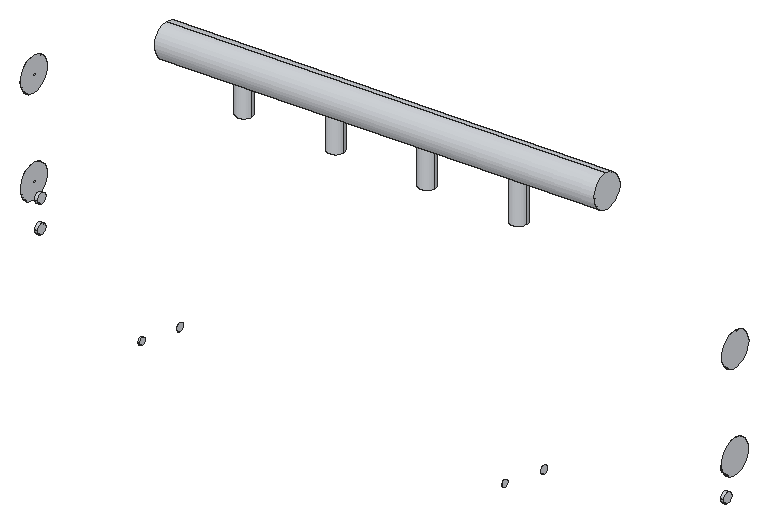
Revit family "Cascata Time Power Floor 20201229 connettori OK", category Attrezzatura meccanica, Revit 2020
Family settings
  Quota connettore circolare = Usa diametro
  Tipo di parte = Normale
  Numero OmniClass = 23.75.00.00
  Titolo OmniClass = Climate Control (HVAC)
  Basato su piano di lavoro = No
  Sempre verticale = Sì
  Taglio con vuoti quando caricato = No
  Condiviso = No
  Punto di calcolo locali = No
Parameters (values of type "432 kW_4 Caldaie")
  Visibilità_caldaia_3 = NumeroCaldaie > 3  # yes
  Visibilità_caldaia_2 = NumeroCaldaie > 2  # yes
  Vis.scarico4 = NumeroCaldaie > 3  # yes
  Vis.scarico3 = NumeroCaldaie > 2  # yes
  Vis.Scamb.sx = Scambiatore_SX  # yes
  Vis.Scamb.dx = Scambiatore_DX  # yes
  Vis.FumiSX = not(On_FumiDX_Off_FumiSX)  # no
  Vis.FumiDX = On_FumiDX_Off_FumiSX  # yes
  Vis.Equil.sx = Equilibratore_SX  # yes
  Vis.Equil.dx = Equilibratore_DX  # yes
  Sottr = Distanza_ki_INAIL + 196 mm  # 2504 mm
  Scambiatore_SX = yes
  Scambiatore_DX = yes
  Qn_MAX = 432.00 kW
  Prospetto di default = 0 mm
  Product group = "Thermal unit"
  Product family = "Heating"
  On_FumiDX_Off_FumiSX = yes
  NascTubo = if(Numero_Caldaie = 4, 5100 mm, if(Numero_Caldaie = 3, 4400 mm, if(Numero_Caldaie = 2, 3700 mm, 1000 mm)))  # 5100 mm
  Maximum heating heat input = Qn_MAX  # 432.00 kW
  Material secondary = "Plastic"
  Material main = "Metal"
  Manufacturer name = "Italtherm S.p.a."
  Manufacturer country = "Italy"
  Hydronic Supply Diameter (cascade) = Diam_flange_equilib  # 210 mm
  Hydronic Return Diameter (cascade) = Diam_flange_equilib  # 210 mm
  Gas Inlet Diameter (cascade) = 165 mm  # constant formula
  Flue outlet (cascade) = if(Qn_MAX < 160000 W, 125 mm, if(Qn_MAX > 260000 W, 200 mm, 160 mm))  # 200 mm
  Equilibratore_SX = yes
  Equilibratore_DX = yes
  Numero_Caldaie = if(NumeroCaldaie < 2, 2, if(NumeroCaldaie > 4, 4, NumeroCaldaie))  # 4
  NumeroCaldaie = 4
  Edition number = 0  # constant formula
  Distanza_ki_INAIL = if(Numero_Caldaie = 4, 2308 mm, if(Numero_Caldaie = 3, 1726 mm, if(Numero_Caldaie = 2, 1144 mm, 1000 mm)))  # 2308 mm
  Diam_flange_equilib = if(Qn_MAX < 280000 W, 185 mm, if(Qn_MAX > 280000 W, 210 mm, 210 mm))  # 210 mm
  Design country = "Italy"
  Date of publishing = "07/01/2021"
  Condensate Drain (cascade) = 40 mm  # constant formula
  Caldaia_3 = Time Power Floor : Time Power Floor 115 K
  Caldaia_2 = Time Power Floor : Time Power Floor 115 K
  Caldaia_1 = Time Power Floor : Time Power Floor 115 K
  Caldaia_0 = Time Power Floor : Time Power Floor 115 K
Types (23, lengths in mm): name | Visibilità_caldaia_3 | Visibilità_caldaia_2 | Vis.scarico4 | Vis.scarico3 | Vis.Scamb.sx | Vis.Scamb.dx | Vis.FumiSX | Vis.FumiDX | Vis.Equil.dx | Sottr | Scambiatore_SX | Scambiatore_DX | Qn_MAX | On_FumiDX_Off_FumiSX | NascTubo | Maximum heating heat input | Hydronic Supply Diameter (cascade) | Hydronic Return Diameter (cascade) | Flue outlet (cascade) | Equilibratore_DX | Numero_Caldaie | NumeroCaldaie | Distanza_ki_INAIL | Diam_flange_equilib | Caldaia_3 | Caldaia_2 | Caldaia_1 | Caldaia_0
  340 kW_4 Caldaie | yes | yes | yes | yes | no | no | no | yes | no | 2504 | no | no | 340.00 kW | yes | 5100 | 340.00 kW | 210 | 210 | 200 | no | 4 | 4 | 2308 | 210 | Time Power Floor : Time Power Floor 90 K | Time Power Floor : Time Power Floor 90 K | Time Power Floor : Time Power Floor 90 K | Time Power Floor : Time Power Floor 90 K
  363 kW_4 Caldaie | yes | yes | yes | yes | yes | yes | no | yes | yes | 2504 | yes | yes | 363.00 kW | yes | 5100 | 363.00 kW | 210 | 210 | 200 | yes | 4 | 4 | 2308 | 210 | Time Power Floor : Time Power Floor 115 K | Time Power Floor : Time Power Floor 90 K | Time Power Floor : Time Power Floor 90 K | Time Power Floor : Time Power Floor 90 K
  386 kW_4 Caldaie | yes | yes | yes | yes | yes | yes | no | yes | yes | 2504 | yes | yes | 386.00 kW | yes | 5100 | 386.00 kW | 210 | 210 | 200 | yes | 4 | 4 | 2308 | 210 | Time Power Floor : Time Power Floor 115 K | Time Power Floor : Time Power Floor 115 K | Time Power Floor : Time Power Floor 90 K | Time Power Floor : Time Power Floor 90 K
  405 kW_4 Caldaie | yes | yes | yes | yes | yes | yes | no | yes | yes | 2504 | yes | yes | 405.00 kW | yes | 5100 | 405.00 kW | 210 | 210 | 200 | yes | 4 | 4 | 2308 | 210 | Time Power Floor : Time Power Floor 90 K | Time Power Floor : Time Power Floor 90 K | Time Power Floor : Time Power Floor 90 K | Time Power Floor : Time Power Floor 160 K
  409 kW_4 Caldaie | yes | yes | yes | yes | yes | yes | no | yes | yes | 2504 | yes | yes | 409.00 kW | yes | 5100 | 409.00 kW | 210 | 210 | 200 | yes | 4 | 4 | 2308 | 210 | Time Power Floor : Time Power Floor 90 K | Time Power Floor : Time Power Floor 115 K | Time Power Floor : Time Power Floor 115 K | Time Power Floor : Time Power Floor 115 K
  428 kW_4 Caldaie | yes | yes | yes | yes | yes | yes | no | yes | yes | 2504 | yes | yes | 428.00 kW | yes | 5100 | 428.00 kW | 210 | 210 | 200 | yes | 4 | 4 | 2308 | 210 | Time Power Floor : Time Power Floor 90 K | Time Power Floor : Time Power Floor 90 K | Time Power Floor : Time Power Floor 115 K | Time Power Floor : Time Power Floor 160 K
  432 kW_4 Caldaie | yes | yes | yes | yes | yes | yes | no | yes | yes | 2504 | yes | yes | 432.00 kW | yes | 5100 | 432.00 kW | 210 | 210 | 200 | yes | 4 | 4 | 2308 | 210 | Time Power Floor : Time Power Floor 115 K | Time Power Floor : Time Power Floor 115 K | Time Power Floor : Time Power Floor 115 K | Time Power Floor : Time Power Floor 115 K
  255 kW_3 Caldaie | no | yes | no | yes | yes | yes | no | yes | yes | 1922 | yes | yes | 255.00 kW | yes | 4400 | 255.00 kW | 185 | 185 | 160 | yes | 3 | 3 | 1726 | 185 | Time Power Floor : Nessuna | Time Power Floor : Time Power Floor 90 K | Time Power Floor : Time Power Floor 90 K | Time Power Floor : Time Power Floor 90 K
  278 kW_3 Caldaie | no | yes | no | yes | yes | yes | no | yes | yes | 1922 | yes | yes | 278.00 kW | yes | 4400 | 278.00 kW | 185 | 185 | 200 | yes | 3 | 3 | 1726 | 185 | Time Power Floor : Nessuna | Time Power Floor : Time Power Floor 115 K | Time Power Floor : Time Power Floor 90 K | Time Power Floor : Time Power Floor 90 K
  301 kW_3 Caldaie | no | yes | no | yes | yes | yes | no | yes | yes | 1922 | yes | yes | 301.00 kW | yes | 4400 | 301.00 kW | 210 | 210 | 200 | yes | 3 | 3 | 1726 | 210 | Time Power Floor : Nessuna | Time Power Floor : Time Power Floor 115 K | Time Power Floor : Time Power Floor 115 K | Time Power Floor : Time Power Floor 90 K
  320 kW_3 Caldaie | no | yes | no | yes | yes | yes | no | yes | yes | 1922 | yes | yes | 320.00 kW | yes | 4400 | 320.00 kW | 210 | 210 | 200 | yes | 3 | 3 | 1726 | 210 | Time Power Floor : Nessuna | Time Power Floor : Time Power Floor 90 K | Time Power Floor : Time Power Floor 90 K | Time Power Floor : Time Power Floor 160 K
  324 kW_3 Caldaie | no | yes | no | yes | yes | yes | no | yes | yes | 1922 | yes | yes | 324.00 kW | yes | 4400 | 324.00 kW | 210 | 210 | 200 | yes | 3 | 3 | 1726 | 210 | Time Power Floor : Nessuna | Time Power Floor : Time Power Floor 115 K | Time Power Floor : Time Power Floor 115 K | Time Power Floor : Time Power Floor 115 K
  343 kW_3 Caldaie | no | yes | no | yes | yes | yes | no | yes | yes | 1922 | yes | yes | 343.00 kW | yes | 4400 | 343.00 kW | 210 | 210 | 200 | yes | 3 | 3 | 1726 | 210 | Time Power Floor : Nessuna | Time Power Floor : Time Power Floor 90 K | Time Power Floor : Time Power Floor 115 K | Time Power Floor : Time Power Floor 160 K
  366 kW_3 Caldaie | no | yes | no | yes | yes | yes | no | yes | yes | 1922 | yes | yes | 0.00 kW | yes | 4400 | 0.00 kW | 185 | 185 | 125 | yes | 3 | 3 | 1726 | 185 | Time Power Floor : Nessuna | Time Power Floor : Time Power Floor 115 K | Time Power Floor : Time Power Floor 115 K | Time Power Floor : Time Power Floor 160 K
  385 kW_3 Caldaie | no | yes | no | yes | yes | yes | no | yes | yes | 1922 | yes | yes | 385.00 kW | yes | 4400 | 385.00 kW | 210 | 210 | 200 | yes | 3 | 3 | 1726 | 210 | Time Power Floor : Nessuna | Time Power Floor : Time Power Floor 90 K | Time Power Floor : Time Power Floor 160 K | Time Power Floor : Time Power Floor 160 K
  408 kW_3 Caldaie | no | yes | no | yes | yes | yes | no | yes | yes | 1922 | yes | yes | 408.00 kW | yes | 4400 | 408.00 kW | 210 | 210 | 200 | yes | 3 | 3 | 1726 | 210 | Time Power Floor : Nessuna | Time Power Floor : Time Power Floor 115 K | Time Power Floor : Time Power Floor 160 K | Time Power Floor : Time Power Floor 160 K
  450 kW_3 Caldaie | no | yes | no | yes | yes | yes | no | yes | yes | 1922 | yes | yes | 450.00 kW | yes | 4400 | 450.00 kW | 210 | 210 | 200 | yes | 3 | 3 | 1726 | 210 | Time Power Floor : Nessuna | Time Power Floor : Time Power Floor 160 K | Time Power Floor : Time Power Floor 160 K | Time Power Floor : Time Power Floor 160 K
  170 kW_2 Caldaie | no | no | no | no | yes | yes | yes | no | yes | 1340 | yes | yes | 170.00 kW | no | 3700 | 170.00 kW | 185 | 185 | 160 | yes | 2 | 2 | 1144 | 185 | Time Power Floor : Nessuna | Time Power Floor : Nessuna | Time Power Floor : Time Power Floor 90 K | Time Power Floor : Time Power Floor 90 K
  193 kW_2 Caldaie | no | no | no | no | yes | yes | no | yes | yes | 1340 | yes | yes | 193.00 kW | yes | 3700 | 193.00 kW | 185 | 185 | 160 | yes | 2 | 2 | 1144 | 185 | Time Power Floor : Nessuna | Time Power Floor : Nessuna | Time Power Floor : Time Power Floor 115 K | Time Power Floor : Time Power Floor 90 K
  216 kW_2 Caldaie | no | no | no | no | yes | yes | no | yes | yes | 1340 | yes | yes | 216.00 kW | yes | 3700 | 216.00 kW | 185 | 185 | 160 | yes | 2 | 2 | 1144 | 185 | Time Power Floor : Nessuna | Time Power Floor : Nessuna | Time Power Floor : Time Power Floor 115 K | Time Power Floor : Time Power Floor 115 K
  235 kW_2 Caldaie | no | no | no | no | yes | yes | no | yes | yes | 1340 | yes | yes | 235.00 kW | yes | 3700 | 235.00 kW | 185 | 185 | 160 | yes | 2 | 2 | 1144 | 185 | Time Power Floor : Nessuna | Time Power Floor : Nessuna | Time Power Floor : Time Power Floor 90 K | Time Power Floor : Time Power Floor 160 K
  258 kW_2 Caldaie | no | no | no | no | yes | yes | no | yes | yes | 1340 | yes | yes | 258.00 kW | yes | 3700 | 258.00 kW | 185 | 185 | 160 | yes | 2 | 2 | 1144 | 185 | Time Power Floor : Nessuna | Time Power Floor : Nessuna | Time Power Floor : Time Power Floor 115 K | Time Power Floor : Time Power Floor 160 K
  300 kW_2 Caldaie | no | no | no | no | yes | yes | no | yes | yes | 1340 | yes | yes | 300.00 kW | yes | 3700 | 300.00 kW | 210 | 210 | 200 | yes | 2 | 2 | 1144 | 210 | Time Power Floor : Nessuna | Time Power Floor : Nessuna | Time Power Floor : Time Power Floor 160 K | Time Power Floor : Time Power Floor 160 K
Reference planes
  plane 1 "Centro (Fronte/Retro)": y = 0
  plane 2: z = 0
  plane 3 "Centro (Sinistra/Destra)": x = 0
  plane 4 "Piano caldaia": y = -20
  plane 5: z = 1466.532
  plane 6: z = 199.374
  plane 7: x = 2308
  plane 8: y = -220
  plane 9: y = -220
  plane 10: y = -495
  plane 11: x = -276
  plane 12: x = 3100
  plane 13: z = 1689
  plane 14: z = 1548
  plane 15: x = 2504
  plane 16: x = 3100
  plane 17: x = -300
  plane 18: z = 1689
  plane 19: z = 1548
  plane 20: x = 2100.2
  plane 21: x = 4504
  plane 22: z = 113.984
  plane 23: z = 1735.5
  plane 24: y = -151
  plane 25: z = 498.68
Forms (mm)
  Extrusion 1, solid
    sketch origin (-86.25, 9.375, 0) x (1, 0, 0) y (0, 1, 0)
      loop
        circle (297.5, -162.5) r 50
    from 1296.032 to 1601.973
  Sweep 2, solid, visible <- "Vis.FumiDX"
    path origin (125, -485.625, 1057.753) x (0, 0, -1) y (1, 0, 0)
      loop
        line (-490.247, -401) -> (-636.005, 2995.874)
    profile origin (1422.437, -485.625, 1620.879) x (-0.04287, 0, 0.999081) y (0, -1, 0)
      loop
        circle (0, -330) r 100
  Sweep 3, solid, visible <- "Vis.FumiSX"
    path origin (2675, -485.625, 1057.753) x (0, 0, -1) y (1, 0, 0)
      loop
        line (-477.608, 125.646) -> (-635.109, -2975)
    profile origin (1250.323, -485.625, 1614.111) x (-0.050731, 0, -0.998712) y (0, -1, 0)
      loop
        circle (0, -330) r 100
  Extrusion 4, void
    sketch origin (125, -485.625, 1190.5) x (0, 0, -1) y (1, 0, 0)
      loop
        line (-727.847, 2413.101) -> (53.187, 2379) -> (53.187, 4379) -> (-727.847, 4379) -> (-727.847, 2413.101)
    from -796.154 to 10
  Extrusion 5, void
    sketch origin (125, -485.625, 1190.5) x (0, 0, -1) y (1, 0, 0)
      loop
        line (-727.847, 2379) -> (331.111, 2425.235) -> (331.111, 4379) -> (-727.847, 4379) -> (-727.847, 2379)
    from -782.133 to 10
  Extrusion 6, solid
    sketch origin (0, -5.937, 0.781) x (0, 1, 0) y (0, 0, 1)
      loop
        circle (-390.574, 114.244) r 24
    from -1 to 0
  Extrusion 7, solid
    sketch origin (-294, -5.937, 0.781) x (0, 1, 0) y (0, 0, 1)
      loop
        circle (-390.574, 114.244) r 24
    from 2602 to 2603
  Extrusion 8, solid
    sketch origin (493.75, 9.375, 0) x (1, 0, 0) y (0, 1, 0)
      loop
        circle (297.5, -162.5) r 50
    from 1296.032 to 1577.799
  Extrusion 9, solid, visible <- "Vis.scarico3"
    sketch origin (1074.95, 9.375, 0) x (1, 0, 0) y (0, 1, 0)
      loop
        circle (297.5, -162.5) r 50
    from 1296.032 to 1538.94
  Extrusion 10, solid, visible <- "Vis.scarico4"
    sketch origin (1656.15, 9.375, 0) x (1, 0, 0) y (0, 1, 0)
      loop
        circle (297.5, -162.5) r 50
    from 1296.032 to 1579.583
  Extrusion 11, solid
    sketch origin (0, 0, 0) x (0, 1, 0) y (0, 0, 1)
      loop
        circle (-708.332, 173.57) r 20
    from 2308 to 2310
  Extrusion 12, solid
    sketch origin (0, 0, 0) x (0, 1, 0) y (0, 0, 1)
      loop
        circle (-708.332, 173.574) r 20
    from -2 to 10
Cuts and joins
  Extrusion 4 cuts Sweep 3
  Extrusion 5 cuts Sweep 2
Dimensions and locks
  plane 4 "Piano caldaia" to plane 1 "Centro (Fronte/Retro)" = 20 mm
  "Distanza_ki_INAIL": plane 7 to plane 3 "Centro (Sinistra/Destra)"
  plane 8 to plane 1 "Centro (Fronte/Retro)" = 220 mm
  plane 1 "Centro (Fronte/Retro)" to plane 9 = 220 mm
  Extrusion 1 to Extrusion 1 = 305.941 mm
  plane 10 to plane 1 "Centro (Fronte/Retro)" = 495 mm
  plane 3 "Centro (Sinistra/Destra)" to plane 11 = 276 mm
  plane 12 to plane 11 = 3376 mm
  plane 14 to level = 1548 mm
  plane 13 to level = 1689 mm
  "Sottr": plane 15 to plane 3 "Centro (Sinistra/Destra)"
  plane 16 to plane 17 = 3400 mm
  plane 21 to plane 15 = 2000 mm
  locked: Extrusion 5 sketch curve to Extrusion 5 sketch curve at 2000
  locked: Extrusion 5 sketch curve to Extrusion 5 sketch curve at 1953.765
  locked: Extrusion 4 sketch curve to Extrusion 4 sketch curve at 1965.899
  locked: Extrusion 4 sketch curve to Extrusion 4 sketch curve at 2000
  locked: plane 7 to Extrusion 7 at 1
  nested 3 to nested 4 = 26.6 mm
  nested 5 to nested 4 = 27 mm
  nested 6 to nested 5 = 27 mm
  plane 5 to nested 3 = 260 mm
  locked: Extrusion 11 to Extrusion 11 at 2
  locked: plane 15 to Extrusion 5 sketch curve (angle 2.50°)
  angle plane 15 to Extrusion 4 sketch curve = 177.50°
  aligned and locked: level to plane 2
  aligned and locked: plane 7 to nested 1
  aligned and locked: nested 1 to plane 8
  aligned and locked: nested 2 to plane 3 "Centro (Sinistra/Destra)"
  aligned and locked: nested 2 to plane 9
  aligned and locked: plane 11 to Sweep 2 sketch curve
  aligned and locked: Sweep 3 sketch curve to plane 17
  aligned and locked: Extrusion 4 sketch curve to plane 21
  aligned and locked: Extrusion 5 sketch curve to plane 21
  aligned and locked: plane 15 to Extrusion 4 sketch curve
  aligned and locked: plane 3 "Centro (Sinistra/Destra)" to Extrusion 6
  aligned and locked: Extrusion 7 to plane 7
  aligned and locked: plane 7 to nested 7
  aligned and locked: plane 3 "Centro (Sinistra/Destra)" to nested 8
  aligned and locked: Extrusion 11 to nested 1
Automatic sketch dimensions
  plane 8 to Extrusion 1 sketch curve = 66.875 mm
  plane 3 "Centro (Sinistra/Destra)" to Extrusion 1 sketch curve = 211.25 mm
  Sweep 2 sketch curve to profile plane = 0 mm
  Sweep 2 sketch curve to profile plane = 330 mm
  plane 18 to Sweep 3 sketch curve = 3.862 mm
  Sweep 3 sketch curve to plane 19 = 12.639 mm
  plane 15 to Sweep 3 sketch curve = 296.646 mm
  Sweep 3 sketch curve to profile plane = 0 mm
  Sweep 3 sketch curve to profile plane = 330 mm
  plane 5 to Extrusion 4 sketch curve = 451.815 mm
  plane 5 to Extrusion 5 sketch curve = 451.815 mm
  plane 22 to Extrusion 6 sketch curve = 1.041 mm
  plane 10 to Extrusion 6 sketch curve = 98.488 mm
  plane 22 to Extrusion 7 sketch curve = 1.041 mm
  plane 10 to Extrusion 7 sketch curve = 98.488 mm
  plane 8 to Extrusion 8 sketch curve = 66.875 mm
  plane 3 "Centro (Sinistra/Destra)" to Extrusion 8 sketch curve = 791.25 mm
  plane 8 to Extrusion 9 sketch curve = 66.875 mm
  plane 20 to Extrusion 9 sketch curve = 727.75 mm
  plane 8 to Extrusion 10 sketch curve = 66.875 mm
  plane 20 to Extrusion 10 sketch curve = 146.55 mm
  Sweep 2 sketch curve to plane 14 = 0 mm
  plane 13 to Sweep 2 sketch curve = 4.758 mm
  plane 12 to Sweep 2 sketch curve = 20.874 mm
  Extrusion 11 sketch curve to plane 6 = 25.804 mm
  Extrusion 11 sketch curve to plane 10 = 213.332 mm
  Extrusion 12 sketch curve to plane 6 = 25.801 mm
  Extrusion 12 sketch curve to plane 10 = 213.332 mm
  radius of Extrusion 1 sketch curve = 50 mm
  radius of Sweep 2 sketch curve = 100 mm
  radius of Sweep 3 sketch curve = 100 mm
  radius of Extrusion 6 sketch curve = 24 mm
  radius of Extrusion 7 sketch curve = 24 mm
  radius of Extrusion 8 sketch curve = 50 mm
  radius of Extrusion 9 sketch curve = 50 mm
  radius of Extrusion 10 sketch curve = 50 mm
  radius of Extrusion 11 sketch curve = 20 mm
  radius of Extrusion 12 sketch curve = 20 mm
Nested families
  nested 1: "KIT INAIL+EQUILIBRATORE" at (908, 0, 114.026), visible <- "Vis.Equil.dx", type "Standard"
  nested 2: "KIT INAIL+EQUILIBRATORE" at (1400, -440, 114.026) x (-1, 0, 0) z (0, 0, 1), visible <- "Vis.Equil.sx", type "Standard"
  nested 3: "Time Power Floor" at (281, -40, 0), type <- "Caldaia_0", type "Time Power Floor 115 K"
  nested 4: "Time Power Floor" at (861, -40, 0), type <- "Caldaia_1", type "Time Power Floor 115 K"
  nested 5: "Time Power Floor" at (1442.2, -40, 0), visible <- "Visibilità_caldaia_2", type <- "Caldaia_2", type "Time Power Floor 115 K"
  nested 6: "Time Power Floor" at (2023.4, -40, 0), visible <- "Visibilità_caldaia_3", type <- "Caldaia_3", type "Time Power Floor 115 K"
  nested 7: "Kit INAIL+Scambiatore 01" at (861, -441.5, 92.326), visible <- "Scambiatore_DX", type "Standard"
  nested 8: "Kit INAIL+Scambiatore 01" at (1447, -441.5, 92.326) x (-1, 0, 0) z (0, 0, 1), visible <- "Scambiatore_SX", type "Standard"
Connectors
  piping at (3380.526, -220.059, 1098.999), diameter 210, driven by "Hydronic Supply Diameter (cascade)"
    settings: on nested 1, index 3, connector inside diameter 609.6 mm, connector length 0 mm, flow factor 0, pipe flow 0.0 L/s, pressure drop 0.0 Pa, fitting loss kfactor 0, connector angle 0.00°, fixture units 0, engagement length 0 mm, angle of deflection 0.00°, flow configuration 0, flow direction 1, fitting loss method 0, system type 7, joint type 0, gender type 0, connector reference index -1, connector utility 0, adjustable connector no, is connector primary yes, connector description ""
  piping at (3380.526, -220.07, 489.017), diameter 210, driven by "Hydronic Return Diameter (cascade)"
    settings: on nested 1, index 4, connector inside diameter 609.6 mm, connector length 0 mm, flow factor 0, pipe flow 0.0 L/s, pressure drop 0.0 Pa, fitting loss kfactor 0, connector angle 0.00°, fixture units 0, engagement length 0 mm, angle of deflection 0.00°, flow configuration 0, flow direction 1, fitting loss method 0, system type 8, joint type 0, gender type 0, connector reference index -1, connector utility 0, adjustable connector no, is connector primary no, connector description ""
  piping at (-1072.526, -219.941, 1098.999), diameter 210, driven by "Hydronic Supply Diameter (cascade)"
    settings: on nested 2, index 7, connector inside diameter 609.6 mm, connector length 0 mm, flow factor 0, pipe flow 0.0 L/s, pressure drop 0.0 Pa, fitting loss kfactor 0, connector angle 0.00°, fixture units 0, engagement length 0 mm, angle of deflection 0.00°, flow configuration 0, flow direction 2, fitting loss method 0, system type 7, joint type 0, gender type 0, connector reference index -1, connector utility 0, adjustable connector no, is connector primary no, connector description ""
  piping at (-1072.526, -219.93, 489.017), diameter 210, driven by "Hydronic Return Diameter (cascade)"
    settings: on nested 2, index 8, connector inside diameter 609.6 mm, connector length 0 mm, flow factor 0, pipe flow 0.0 L/s, pressure drop 0.0 Pa, fitting loss kfactor 0, connector angle 0.00°, fixture units 0, engagement length 0 mm, angle of deflection 0.00°, flow configuration 0, flow direction 1, fitting loss method 0, system type 8, joint type 0, gender type 0, connector reference index -1, connector utility 0, adjustable connector no, is connector primary no, connector description ""
  hvac at (2310, -708.332, 173.57), driven by "Gas Inlet Diameter (cascade)"
    settings: on Extrusion 11, index 9, duct flow 0.0 L/s, flow factor 0, pres drop 0.0 Pa, loss coef 0, conn angle 0.00°, conn width 304.8 mm, conn height 304.8 mm, conn diameter 165 mm, duct sys type 4, conn prof type 0, flow config 0, flow direction 1, loss method 0, conn ref index -1, conn util no, is conn primary yes, conn desc ""
  hvac at (2514.941, -155.625, 1667.757), driven by "Flue outlet (cascade)"
    settings: on cut or joined group of Sweep 2, Extrusion 5, index 10, duct flow 0.0 L/s, flow factor 0, pres drop 0.0 Pa, loss coef 0, conn angle 0.00°, conn width 304.8 mm, conn height 304.8 mm, conn diameter 200 mm, duct sys type 1, conn prof type 0, flow config 0, flow direction 0, loss method 0, conn ref index -1, conn util no, is conn primary no, conn desc ""
  hvac at (-300, -155.625, 1692.862), driven by "Flue outlet (cascade)"
    settings: on cut or joined group of Sweep 3, Extrusion 4, index 11, duct flow 0.0 L/s, flow factor 0, pres drop 0.0 Pa, loss coef 0, conn angle 0.00°, conn width 304.8 mm, conn height 304.8 mm, conn diameter 200 mm, duct sys type 1, conn prof type 0, flow config 0, flow direction 0, loss method 0, conn ref index -1, conn util no, is conn primary no, conn desc ""
  piping at (3341, -229.399, 417.657), diameter 210, driven by "Hydronic Supply Diameter (cascade)"
    settings: on nested 7, index 12, connector inside diameter 609.6 mm, connector length 0 mm, flow factor 0, pipe flow 0.0 L/s, pressure drop 0.0 Pa, fitting loss kfactor 0, connector angle 0.00°, fixture units 0, engagement length 0 mm, angle of deflection 0.00°, flow configuration 0, flow direction 2, fitting loss method 0, system type 7, joint type 0, gender type 0, connector reference index -1, connector utility 0, adjustable connector no, is connector primary no, connector description ""
  piping at (3341, -229.602, 243.373), diameter 210, driven by "Hydronic Return Diameter (cascade)"
    settings: on nested 7, index 13, connector inside diameter 609.6 mm, connector length 0 mm, flow factor 0, pipe flow 0.0 L/s, pressure drop 0.0 Pa, fitting loss kfactor 0, connector angle 0.00°, fixture units 0, engagement length 0 mm, angle of deflection 0.00°, flow configuration 0, flow direction 1, fitting loss method 0, system type 8, joint type 0, gender type 0, connector reference index -1, connector utility 0, adjustable connector no, is connector primary no, connector description ""
  piping at (-1033, -229.399, 417.657), diameter 210, driven by "Hydronic Supply Diameter (cascade)"
    settings: on nested 8, index 14, connector inside diameter 609.6 mm, connector length 0 mm, flow factor 0, pipe flow 0.0 L/s, pressure drop 0.0 Pa, fitting loss kfactor 0, connector angle 0.00°, fixture units 0, engagement length 0 mm, angle of deflection 0.00°, flow configuration 0, flow direction 2, fitting loss method 0, system type 7, joint type 0, gender type 0, connector reference index -1, connector utility 0, adjustable connector no, is connector primary no, connector description ""
  piping at (-1033, -229.602, 243.373), diameter 210, driven by "Hydronic Return Diameter (cascade)"
    settings: on nested 8, index 15, connector inside diameter 609.6 mm, connector length 0 mm, flow factor 0, pipe flow 0.0 L/s, pressure drop 0.0 Pa, fitting loss kfactor 0, connector angle 0.00°, fixture units 0, engagement length 0 mm, angle of deflection 0.00°, flow configuration 0, flow direction 1, fitting loss method 0, system type 8, joint type 0, gender type 0, connector reference index -1, connector utility 0, adjustable connector no, is connector primary no, connector description ""
  piping at (-1, -396.512, 115.025), diameter 40, driven by "Condensate Drain (cascade)"
    settings: on Extrusion 6, index 16, connector inside diameter 609.6 mm, connector length 0 mm, flow factor 0, pipe flow 0.0 L/s, pressure drop 0.0 Pa, fitting loss kfactor 0, connector angle 0.00°, fixture units 0, engagement length 0 mm, angle of deflection 0.00°, flow configuration 0, flow direction 2, fitting loss method 0, system type 16, joint type 0, gender type 0, connector reference index -1, connector utility 0, adjustable connector no, is connector primary no, connector description ""
  piping at (2309, -396.512, 115.025), diameter 40, driven by "Condensate Drain (cascade)"
    settings: on Extrusion 7, index 17, connector inside diameter 609.6 mm, connector length 0 mm, flow factor 0, pipe flow 0.0 L/s, pressure drop 0.0 Pa, fitting loss kfactor 0, connector angle 0.00°, fixture units 0, engagement length 0 mm, angle of deflection 0.00°, flow configuration 0, flow direction 2, fitting loss method 0, system type 16, joint type 0, gender type 0, connector reference index -1, connector utility 0, adjustable connector no, is connector primary no, connector description ""
  piping at (-2, -708.332, 173.574), diameter 165, driven by "Gas Inlet Diameter (cascade)"
    settings: on Extrusion 12, index 18, connector inside diameter 609.6 mm, connector length 0 mm, flow factor 0, pipe flow 0.0 L/s, pressure drop 0.0 Pa, fitting loss kfactor 0, connector angle 0.00°, fixture units 0, engagement length 0 mm, angle of deflection 0.00°, flow configuration 0, flow direction 1, fitting loss method 0, system type 22, joint type 0, gender type 0, connector reference index -1, connector utility 0, adjustable connector no, is connector primary no, connector description ""
Definition of nested family "KIT INAIL+EQUILIBRATORE"
  Parameters (values of type "Standard")
    Default Elevation = 0 mm
    Connettore_24_Diametro = 210 mm
    Connettore_23_Diametro = 210 mm
  Reference planes
    plane 1 "Centro (Fronte/Retro)": y = 0
    plane 2: z = 0
    plane 3 "Centro (Sinistra/Destra)": x = 0
  Forms (mm)
    Extrusion 1, solid
      sketch origin (2471, -220, 985) x (0, 1, 0) y (0, 0, 1)
        loop
          circle (0, 0) r 3.048
      from 0 to -3.048
    Extrusion 2, solid
      sketch origin (2471, -220, 375) x (0, 1, 0) y (0, 0, 1)
        loop
          circle (0, 0) r 3.048
      from 0 to -3.048
    Extrusion 3, solid
      sketch origin (2471, -220, 985) x (0, 0, 1) y (0, -1, 0)
        loop
          circle (-0.027, 0.059) r 105
        loop
          circle (-610.009, 0.07) r 105
      from 0 to 1.526
  Dimensions and locks
    locked: Extrusion 3 to Extrusion 3 at 1.526
    aligned and locked: level to plane 2
    aligned and locked: Extrusion 3 to Extrusion 1
Definition of nested family "Kit INAIL+Scambiatore 01"
  Parameters (values of type "Standard")
    Default Elevation = 0 mm
    Connettore_2_Diametro = 160 mm
    Connettore_1_Diametro = 160 mm
  Reference planes
    plane 1 "Centro (Fronte/Retro)": y = 0
    plane 2: z = 0
    plane 3 "Centro (Sinistra/Destra)": x = 0
  Forms (mm)
    Extrusion 1, solid
      sketch origin (0, 0, 0) x (0, 1, 0) y (0, 0, 1)
        loop
          circle (212.101, 325.332) r 30
        loop
          circle (211.898, 151.047) r 30
      from 2460 to 2480
  Dimensions and locks
    locked: import instance to Extrusion 1 at 20
    aligned and locked: level to plane 2
    aligned and locked: import instance to Extrusion 1
  Connectors
    piping at (2480, 212.101, 325.332), diameter 160
      settings: on Extrusion 1, index 1, connector inside diameter 609.6 mm, connector length 0 mm, flow factor 0, pipe flow 0.0 L/s, pressure drop 0.0 Pa, fitting loss kfactor 0, connector angle 0.00°, fixture units 0, engagement length 0 mm, angle of deflection 0.00°, flow configuration 0, flow direction 2, fitting loss method 0, system type 7, joint type 0, gender type 0, connector reference index -1, connector utility 0, adjustable connector no, is connector primary yes, connector description ""
    piping at (2480, 211.898, 151.047), diameter 160
      settings: on Extrusion 1, index 2, connector inside diameter 609.6 mm, connector length 0 mm, flow factor 0, pipe flow 0.0 L/s, pressure drop 0.0 Pa, fitting loss kfactor 0, connector angle 0.00°, fixture units 0, engagement length 0 mm, angle of deflection 0.00°, flow configuration 0, flow direction 1, fitting loss method 0, system type 8, joint type 0, gender type 0, connector reference index -1, connector utility 0, adjustable connector no, is connector primary no, connector description ""
Definition of nested family "Time Power Floor"
  Parameters (values of type "Nessuna")
    Testo Etichetta [instance] = ""
    Default Elevation = 0 mm
  Types (4): name
    Time Power Floor 160 K
    Time Power Floor 90 K
    Time Power Floor 115 K
    Nessuna
  Reference planes
    plane 1 "Centro (Fronte/Retro)": y = 0
    plane 2: z = 0
    plane 3 "Centro (Sinistra/Destra)": x = 0
  Dimensions and locks
    aligned and locked: level to plane 2
    aligned and locked: import instance to level
